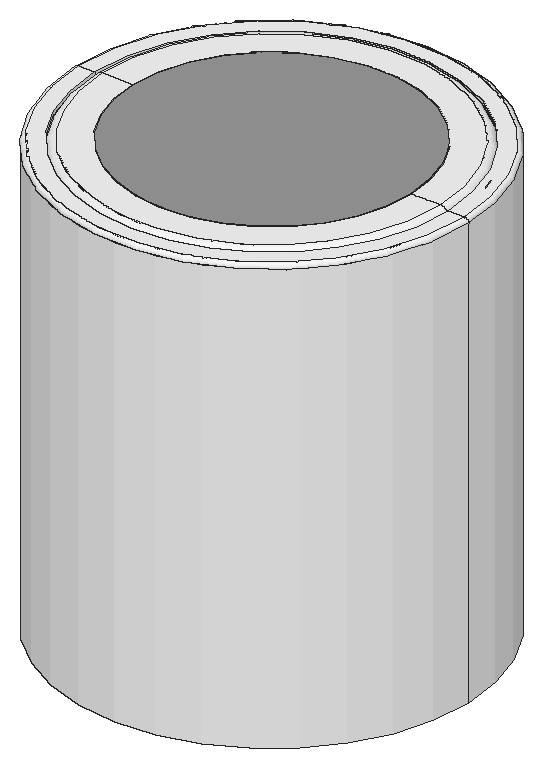
Revit family "3098174 Lighting Fixture_Sylvania_Insaver LED II 150 LO_Surface Mounted", category Lighting Fixtures, host Face, Revit 2017
Family settings
  Host = Face
  Round Connector Dimension = Use Diameter
  Part Type = Normal
  OmniClass Number = 23.80.70.11.17
  OmniClass Title = Specialized Lighting by Location or Use
  Cut with Voids When Loaded = No
  Light Source = Yes
  Shared = No
  Room Calculation Point = No
Parameters (values of type "Insaver LED II 150 High Output WW EB Surface Mounted")
  Ta Rating = "0°C to 55°C"  # constant formula
  Reflector Material = Metal_Sylvania_Insaver LED II_Polished
  LOR = "100%"  # constant formula
  IP Rating = "IP23 (44 with accessory)"  # constant formula
  Height = 208.0 mm
  Glare Control = "UGR <19 (using accessory)"  # constant formula
  Energy Class = "A++,A+,A"  # constant formula
  Weight = 0 kg
  Wattage = 21.5258 W
  built-in parameter 1150110 = 1 (stored number, unit not read)
  Voltage Comments = "UNV (Universal Voltage; 220-240 Volt)"  # constant formula
  Voltage = 230 V  # constant formula
  URL = "http://www.sylvania-lighting.com"
  built-in parameter 1114217 = 1 (stored number, unit not read)
  Tilt Angle = -90°
  built-in parameter 1150109 = 1 (stored number, unit not read)
  built-in parameter 1150134 = (empty or 0)
  built-in parameter 1150113 = 1 (stored number, unit not read)
  Product Page URL = "http://www.sylvania-lighting.com/product/en-int/products/3098174"
  Product Family = "INSAVER LED II 150 Surface Mounted"  # constant formula
  Photometry Comments = ""
  Photometric Web File = "3098174_InsaverLEDII150HighOutputWWEBSurfaceMounted-202168.ies"
  Life = "50 000 h"  # constant formula
  Emit from Circle Diameter = Diffuser Diameter  # 133.0 mm
  Emit Shape Visible in Rendering = no
  Drive Current = "900mA"  # constant formula
  Distribution type = "Direct - symmetrical"  # constant formula
  Diffuser Material = Glass_Sylvania_Insaver LED II_3000K
  Diffuser Diameter = Accessory Diameter - 36.0 mm  # 133.0 mm
  Colour consistency (SDCM) = "3 step"  # constant formula
  built-in parameter 1114216 [instance] = 1 (stored number, unit not read)
  Model = "Insaver LED II 150 High Output WW EB Surface Mounted"
  Manufacturer = "Feilo Sylvania"
  built-in parameter 1150105 = 1479.6 (stored number, unit not read)
  Lumens = 2088 lm
  built-in parameter 1150115 = 1 (stored number, unit not read)
  built-in parameter 1150137 = (empty or 0)
  built-in parameter 1150139 = (empty or 0)
  built-in parameter 1150112 = 1 (stored number, unit not read)
  built-in parameter 1150114 = 1 (stored number, unit not read)
  Lamp Comments = "Integrated LED"  # constant formula
  Lamp = ""
  built-in parameter 1150132 = 2
  built-in parameter 1150102 = (empty or 0)
  built-in parameter 1150107 = 3000 (stored number, unit not read)
  built-in parameter 1150138 = (empty or 0)
  built-in parameter 1150106 = 14.796 (stored number, unit not read)
  CRI ( Ra ) = 80  # constant formula
  Body Material = Plastic_Sylvania_Insaver LED II_White
  built-in parameter 1150104 = 9.0116 (stored number, unit not read)
  Dimming Lamp Color Temperature Shift = <None>
  Description = "Circular LED downlight with up to 114lm/W efficacy and 2,400 luminaire lumen output. Innovative easy installation system allows for a rapid, single point installation. For 150mm cut outs. IP44 or UGR<19 compliant with additional accessories. 3 hour emergency and surface mounted versions available. Plus3 version includes Wieland GST connector."  # constant formula
  Default Elevation = 0.0 mm
  Color Filter = 16777215
  Catalog Number = "3098174 Insaver LED II 150 High Output WW EB Surface Mounted"
  built-in parameter 1140040 [instance] = 1
  Radius = Diameter / 2  # 94.0 mm
  Diameter = 188.0 mm
  Beam Angle = 76°  # constant formula
  built-in parameter 1114218 = 1 (stored number, unit not read)
  built-in parameter 1150133 = 10 (stored number, unit not read)
  Assembly Code = "D5020200"
  Apparent Load Comments = ""
  Apparent Load = 22 VA
  Accessory Radius = Accessory Diameter / 2  # 84.5 mm
  Accessory Material = Plastic_Sylvania_Insaver LED II_White
  Accessory Diameter = Diameter - 19.0 mm  # 169.0 mm
Reference planes
  plane 1 "Center (Front/Back)": y = 0
  plane 2: z = 0
  plane 3 "Center (Left/Right)": x = 0
  plane 4: z = 202
  plane 5 "Fixture Bottom": z = 208
  plane 6: z = 205
  plane 7: z = 9.5
  plane 8: z = 148
Forms (mm)
  Revolve 1, solid, material "Plastic_Sylvania_Insaver LED II_White" <- "Accessory Material", detail levels fine
    sketch origin (0, 0, 206.916) x (1, 0, 0) y (0, 0, 1)
      loop
        line (-84.5, -4.916) -> (-66.5, -4.916) -> (-66.5, 1.084) -> (-80.5, 1.084)
        arc (-80.5, 1.084) -> (-83.328, -0.088) -> (-84.5, -2.916) r 4
        line (-84.5, -2.916) -> (-84.5, -4.916)
      axis (0, 1.084) -> (0, -4.916)
    angle from 0 to 360
  Extrusion 2, solid, material "Glass_Sylvania_Insaver LED II_3000K" <- "Diffuser Material", detail levels fine
    sketch origin (0, 0, 206.916) x (1, 0, 0) y (0, 1, 0)
      loop
        circle (0, 0) r 66.5
    from -4.916 to 1.084
  Extrusion 3, solid, material "Plastic_Sylvania_Insaver LED II_White" <- "Body Material", detail levels fine
    sketch origin (0, 0, 0) x (1, 0, 0) y (0, 1, 0)
      loop
        circle (0, 0) r 94
      loop
        circle (0, 0) r 84.5
    from 0 to 205
  Revolve 4, solid, material "Plastic_Sylvania_Insaver LED II_White" <- "Body Material", detail levels fine
    sketch origin (0, 0, 0) x (1, 0, 0) y (0, 0, 1)
      loop
        line (-94, 205) -> (-84.5, 205) -> (-84.5, 207) -> (-92, 207)
        arc (-92, 207) -> (-93.414, 206.414) -> (-94, 205) r 2
      axis (0, 207) -> (0, 205)
    angle from 0 to 360
  Extrusion 5, solid, material "Plastic_Sylvania_Insaver LED II_White" <- "Body Material", detail levels fine
    sketch origin (0, 0, 0) x (1, 0, 0) y (0, 1, 0)
      loop
        circle (0, 0) r 84.5
    from 0 to 9.5
  Revolve 6, solid, detail levels fine
    sketch origin (0, 0, 0) x (1, 0, 0) y (0, 0, 1)
      loop
        line (0, 148) -> (0, 150)
        arc (0, 150) -> (-48.672, 164.089) -> (-82.291, 202) r 91.113
        line (-82.291, 202) -> (-84.5, 202)
        arc (-84.5, 202) -> (-50.14, 162.653) -> (0, 148) r 93.113
      axis (0, 202) -> (0, 148)
    angle from 0 to 360
  Extrusion 7, solid, material "Plastic_Sylvania_Insaver LED II_White" <- "Body Material", detail levels coarse+medium
    sketch origin (0, 0, 0) x (1, 0, 0) y (0, 1, 0)
      loop
        circle (0, 0) r 94
    from 0 to 208
Cuts and joins
  joined: Extrusion 3, Revolve 4, Extrusion 5
Lines and regions (mm)
  Masking region 1
    outline origin (0, 0, 0) x (1, 0, 0) y (0, 1, 0)
      loop
        circle (0, 0) r 94
  symbolic lines, detail levels fine
    curve 1: arc (66.5, 0, 0) -> (0, 66.5, 0) -> (-66.5, 0, 0) r 66.5
    curve 2: arc (-66.5, 0, 0) -> (0, -66.5, 0) -> (66.5, 0, 0) r 66.5
Dimensions and locks
  locked: Revolve 1 sketch curve to Revolve 1 sketch curve at 18
  "Accessory Radius": plane 3 "Center (Left/Right)" to Revolve 1 sketch curve
  locked: Revolve 1 sketch curve to plane 4 at 2
  plane 5 "Fixture Bottom" to plane 6 to plane 4 to plane 8 = 3.0 mm locked, 3.0 mm locked, 54.0 mm locked
  "Height": plane 5 "Fixture Bottom" to plane 2
  locked: Revolve 4 sketch curve to plane 6 at 2
  locked: plane 7 to plane 2 at 9.5
  "Radius": plane 3 "Center (Left/Right)" to Revolve 4 sketch curve
  locked: Revolve 4 sketch curve to Revolve 4 sketch curve at 9.5
  "Accessory Radius": plane 3 "Center (Left/Right)" to Revolve 6 sketch curve
  locked: Revolve 6 sketch curve to Revolve 6 sketch curve at 2.209
  locked: Revolve 6 sketch curve to plane 8 at 2
  "Diffuser Diameter": diameter of Extrusion 2 sketch curve
  "Diameter": diameter of Extrusion 3 sketch curve
  "Accessory Diameter": diameter of Extrusion 3 sketch curve
  "Accessory Diameter": diameter of Extrusion 5 sketch curve
  "Diameter": diameter of Extrusion 7 sketch curve
  aligned and locked: plane 2 to host face
  aligned and locked: level to host face
  aligned and locked: imposter light to plane 1 "Center (Front/Back)"
  aligned and locked: plane 4 to Revolve 1 sketch curve
  aligned and locked: Revolve 1 sketch curve to plane 3 "Center (Left/Right)"
  aligned and locked: plane 4 to Extrusion 2
  aligned and locked: Extrusion 2 to plane 5 "Fixture Bottom"
  aligned and locked: Extrusion 3 to plane 6
  aligned and locked: Extrusion 3 to plane 2
  aligned and locked: Revolve 4 sketch curve to plane 3 "Center (Left/Right)"
  aligned and locked: plane 5 "Fixture Bottom" to Revolve 1 sketch curve
  aligned and locked: plane 6 to Revolve 4 sketch curve
  aligned and locked: Extrusion 5 to plane 2
  aligned and locked: Extrusion 5 to plane 7
  aligned and locked: imposter light to plane 3 "Center (Left/Right)"
  aligned and locked: imposter light to plane 5 "Fixture Bottom"
  aligned and locked: Revolve 6 sketch curve to imposter light
  aligned and locked: Revolve 6 sketch curve to plane 4
  aligned and locked: imposter light to Revolve 6 sketch curve
  aligned and locked: Extrusion 7 to plane 5 "Fixture Bottom"
  aligned and locked: Extrusion 7 to plane 2
  aligned and locked: Masking region 1 sketch curve to Extrusion 7  (x2)
  aligned and locked: curve 1 to Extrusion 2
  aligned and locked: curve 2 to Extrusion 2
Automatic sketch dimensions
  host sketch curve to host sketch curve = 1040.406 mm
  host sketch curve to host sketch curve = 988.385 mm
  plane 4 to Revolve 1 sketch curve = 23.903 mm
  Revolve 1 sketch curve to plane 5 "Fixture Bottom" = 38.423 mm
  plane 1 "Center (Front/Back)" to Extrusion 2 sketch curve = 0.0 mm
  Extrusion 2 sketch curve to plane 3 "Center (Left/Right)" = 0.0 mm
  Extrusion 3 sketch curve to Extrusion 3 sketch curve = 0.0 mm  (x2)
  plane 1 "Center (Front/Back)" to Extrusion 3 sketch curve = 0.0 mm
  Extrusion 3 sketch curve to plane 3 "Center (Left/Right)" = 0.0 mm
  Revolve 4 sketch curve to plane 5 "Fixture Bottom" = 23.931 mm
  Revolve 4 sketch curve to Revolve 4 sketch curve = 16.615 mm
  plane 1 "Center (Front/Back)" to Extrusion 5 sketch curve = 0.0 mm
  Extrusion 5 sketch curve to plane 3 "Center (Left/Right)" = 0.0 mm
  Revolve 6 sketch curve to Revolve 6 sketch curve = 0.0 mm
  plane 4 to Revolve 6 sketch curve = 22.636 mm
  Revolve 6 sketch curve to Revolve 6 sketch curve = 1.749 mm
  plane 1 "Center (Front/Back)" to Extrusion 7 sketch curve = 0.0 mm
  Extrusion 7 sketch curve to plane 3 "Center (Left/Right)" = 0.0 mm
Connectors
  electrical at (0, 0, 0), driven by "Voltage", driven by "Apparent Load"
    settings: on cut or joined group of Extrusion 3, Revolve 4, Extrusion 5, index 1, voltage 230 V, apparent load 0 VA, apparent load phase1 22 VA, apparent load phase2 0 VA, apparent load phase3 0 VA, power factor 1, load classification "Lighting", number of poles 1, system type 31, power factor state 1, is connector primary yes, connector utility no, sub classification motor no, connector description ""
